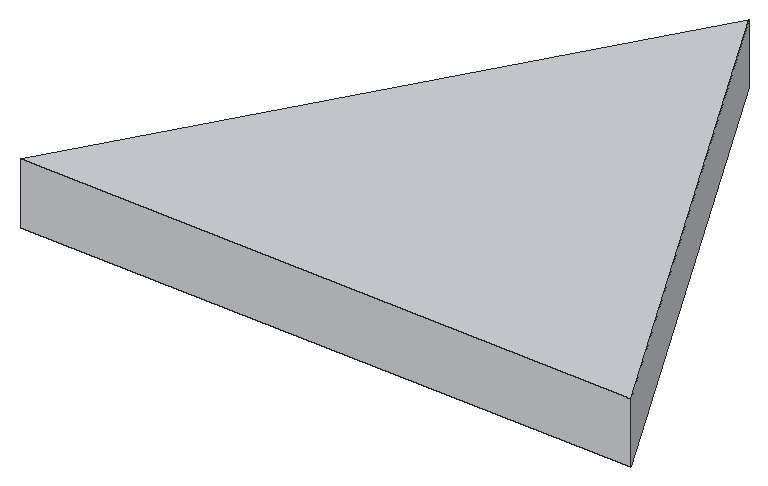
Revit family "水位", category 常规模型, Revit 2016
Family settings
  零件类型 = 标准
  可将钢筋附着到主体 = 否
  圆形连接件大小 = 使用直径
  基于工作平面 = 否
  总是垂直 = 是
  加载时剪切的空心 = 否
  共享 = 否
  房间计算点 = 否
Parameters
  高度 = 100 mm
  重心高度 = sqrt(3) / 3 * 边长  # 577.35 mm
  边长 = 1000 mm
  监测数据 [instance] = ""
  测点编号 [instance] = "SW01"
Reference planes
  plane 1 "中心(前/后)": y = 0
  plane 2: z = 0
  plane 3 "中心(左/右)": x = 0
Forms (mm)
  Extrusion 1, solid
    sketch origin (0, 0, 0) x (1, 0, 0) y (0, 1, 0)
      loop
        line (-500, -288.675) -> (500, -288.675) -> (0, 577.35) -> (-500, -288.675)
    from 0 to 100
Dimensions and locks
  "高度": Extrusion 1 to Extrusion 1
  "边长": Extrusion 1 sketch curve to Extrusion 1 sketch curve  (x3)
  "重心高度": plane 1 "中心(前/后)" to Extrusion 1 sketch curve
  aligned and locked: level to plane 2
  aligned and locked: Extrusion 1 to level
Automatic sketch dimensions
  Extrusion 1 sketch curve to plane 3 "中心(左/右)" = 0 mm
